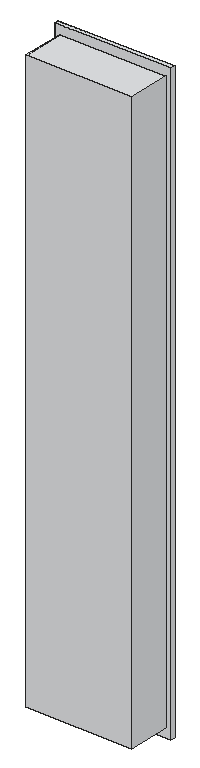
Revit family "Silver Stainless Steel Recessed Panel 21 L_IN", category Generic Models, host Wall, Revit 2017
Family settings
  Host = Wall
  Can host rebar = No
  Round Connector Dimension = Use Diameter
  Part Type = Normal
  Always vertical = Yes
  Cut with Voids When Loaded = No
  Shared = No
  Room Calculation Point = No
Parameters (values of type "Type 1")
  Website = "https://dolphy.in/"  # constant formula
  Contact number = "+91 9520202035"  # constant formula
  Contact email = "info@dolphy.in"  # constant formula
  Company name = "Dolphy India"  # constant formula
Reference planes
  plane 1 "Wall": y = 0
  plane 2 "Center (Left/Right)": x = 125
  plane 3 "Back": y = 75
Forms (mm)
  Extrusion 1, void
    sketch origin (-5000, 75, 0) x (-1, 0, 0) y (0, 0, 1)
      loop
        line (-5273.795, 1675) -> (-5273.795, 25) -> (-4973.795, 25) -> (-4973.795, 1675) -> (-5273.795, 1675)
    from 0 to -120
Text (mm)
  text "Placement Side" at (-1848.837, 1116.779, 0), in view "Ref. Level"
  text "Placement side" at (0, 1409.804, 2854.306), in view "Left"
  text "Placement side" at (0, 499.811, 2980.732), in view "Right"
Dimensions and locks
  locked: plane 3 "Back" to host wall
  level to Extrusion 1 = 1675 mm
  aligned and locked: plane 1 "Wall" to host wall
  aligned and locked: nested 1 to plane 2 "Center (Left/Right)"
  aligned and locked: nested 1 to Extrusion 1
  aligned and locked: Extrusion 1 to nested 1  (x3)
Nested families
  nested 1: "Silver Stainless Steel Recessed Panel 21 L_IN" at (125, 75, 0) x (-1, 0, 0) z (0, 0, 1), type "Silver Stainless Steel Recessed Panel 21 L_IN"
Definition of nested family "Silver Stainless Steel Recessed Panel 21 L_IN"
  Parameters (values of type "Silver Stainless Steel Recessed Panel 21 L_IN")
    Website = "https://dolphy.in/"  # constant formula
    M&L = none
    Contact number = "+91 9520202035"  # constant formula
    Contact email = "info@dolphy.in"  # constant formula
    Company = "Dolphy India"  # constant formula
  Reference planes
    plane 1 "Center (Front/Back)": y = 0
    plane 2: z = 0
    plane 3 "Center (Left/Right)": x = 0
    plane 4: z = 728.81
    plane 5: x = 0
  Forms (mm)
    Sweep 1, solid, material <- "M&L"
      path in 3D
        loop
          line (137.468, 0, 1425) -> (-142.532, 0, 1425)
      profile origin (-2.532, 0, 1425) x (0, 1, 0) y (0, 0, -1)
        loop
          line (0, 0) -> (1.274, -2.22) -> (54.352, 50.859) -> (52.606, 52.606) -> (0, 0)
    Extrusion 2, void
      sketch origin (137.468, 54.352, 1374.141) x (1, 0, 0) y (0, -0.707107, 0.707107)
        loop
          line (-22.656, 45.406) -> (-50.305, 45.406)
          arc (-50.305, 45.406) -> (-66.177, 46.65) -> (-81.662, 50.351) r 101.901
          arc (-81.662, 50.351) -> (-122.67, 57.385) -> (-163.997, 52.571) r 146.059
          arc (-163.997, 52.571) -> (-191.285, 47.205) -> (-219.037, 45.406) r 215
          line (-219.037, 45.406) -> (-230.557, 45.406)
          arc (-230.557, 45.406) -> (-233.057, 42.906) -> (-230.557, 40.406) r 2.5
          line (-230.557, 40.406) -> (-196.933, 40.406)
          arc (-196.933, 40.406) -> (-185.814, 39.717) -> (-174.866, 37.659) r 90
          arc (-174.866, 37.659) -> (-131.214, 31.705) -> (-87.331, 35.61) r 196.825
          arc (-87.331, 35.61) -> (-63.655, 39.204) -> (-39.737, 40.406) r 238.509
          line (-39.737, 40.406) -> (-22.656, 40.406)
          arc (-22.656, 40.406) -> (-20.156, 42.906) -> (-22.656, 45.406) r 2.5
      from 0 to 250
    Extrusion 3, solid, material <- "M&L"
      sketch origin (-163.795, 0, 0) x (-1, 0, 0) y (0, 0, 1)
        loop
          line (-305, 1526.936) -> (-305, 1236.159) -> (-25, 1236.159) -> (-25, 1526.936) -> (-305, 1526.936)
        loop
          line (-304.2, 1526.159) -> (-304.2, 1237.315) -> (-25.8, 1237.315) -> (-25.8, 1526.159) -> (-304.2, 1526.159)
      from 2.46 to 110
    Extrusion 4, solid, material <- "M&L"
      sketch origin (-163.795, 110, 0) x (-1, 0, 0) y (0, 0, 1)
        loop
          line (-25, 1526.936) -> (-305, 1526.936) -> (-305, 1236.159) -> (-25, 1236.159) -> (-25, 1526.936)
      from 0 to 0.8
    Extrusion 5, solid, material <- "M&L"
      sketch origin (-163.795, -11.2, 0) x (1, 0, 0) y (0, 0, 1)
        loop
          line (0, 0) -> (330, 0) -> (330, 1700) -> (0, 1700) -> (0, 0)
      from 0 to 1.2
    Extrusion 6, solid, material <- "M&L"
      sketch origin (-163.795, -11.2, 0) x (-1, 0, 0) y (0, 0, 1)
        loop
          line (0, 1700) -> (-330, 1700) -> (-330, 0) -> (0, 0) -> (0, 1700)
        loop
          line (-1.2, 1698.8) -> (-328.8, 1698.8) -> (-328.8, 1.2) -> (-1.2, 1.2) -> (-1.2, 1698.8)
      from 0 to 10
    Extrusion 7, solid, material <- "M&L"
      sketch origin (-163.795, -1.2, 0) x (-1, 0, 0) y (0, 0, 1)
        loop
          line (0, 1700) -> (-330, 1700) -> (-330, 0) -> (0, 0) -> (0, 1700)
        loop
          line (-315, 1675) -> (-315, 25) -> (-15, 25) -> (-15, 1675) -> (-315, 1675)
      from 0 to 1.2
    Extrusion 8, void
      sketch origin (-163.795, -12.4, 0) x (-1, 0, 0) y (0, 0, 1)
        loop
          line (-55, 1425) -> (-275, 1425)
          arc (-275, 1425) -> (-282.071, 1422.071) -> (-285, 1415) r 10
          line (-285, 1415) -> (-285, 1285)
          arc (-285, 1285) -> (-282.071, 1277.929) -> (-275, 1275) r 10
          line (-275, 1275) -> (-55, 1275)
          arc (-55, 1275) -> (-47.929, 1277.929) -> (-45, 1285) r 10
          line (-45, 1285) -> (-45, 1415)
          arc (-45, 1415) -> (-47.929, 1422.071) -> (-55, 1425) r 10
        loop
          line (-55, 900) -> (-275, 900)
          arc (-275, 900) -> (-282.071, 897.071) -> (-285, 890) r 10
          line (-285, 890) -> (-285, 760)
          arc (-285, 760) -> (-282.071, 752.929) -> (-275, 750) r 10
          line (-275, 750) -> (-55, 750)
          arc (-55, 750) -> (-47.929, 752.929) -> (-45, 760) r 10
          line (-45, 760) -> (-45, 890)
          arc (-45, 890) -> (-47.929, 897.071) -> (-55, 900) r 10
        loop
          line (-55, 650) -> (-275, 650)
          arc (-275, 650) -> (-282.071, 647.071) -> (-285, 640) r 10
          line (-285, 640) -> (-285, 510)
          arc (-285, 510) -> (-282.071, 502.929) -> (-275, 500) r 10
          line (-275, 500) -> (-55, 500)
          arc (-55, 500) -> (-47.929, 502.929) -> (-45, 510) r 10
          line (-45, 510) -> (-45, 640)
          arc (-45, 640) -> (-47.929, 647.071) -> (-55, 650) r 10
      from 0 to 1.2
    Sweep 9, solid, material <- "M&L"
      path in 3D
        loop
          arc (-108.795, -11.2, 650) -> (-115.867, -11.2, 647.071) -> (-118.795, -11.2, 640) r 10
          line (-118.795, -11.2, 640) -> (-118.795, -11.2, 510)
          arc (-118.795, -11.2, 510) -> (-115.867, -11.2, 502.929) -> (-108.795, -11.2, 500) r 10
          line (-108.795, -11.2, 500) -> (111.205, -11.2, 500)
          arc (111.205, -11.2, 500) -> (118.276, -11.2, 502.929) -> (121.205, -11.2, 510) r 10
          line (121.205, -11.2, 510) -> (121.205, -11.2, 640)
          arc (121.205, -11.2, 640) -> (118.276, -11.2, 647.071) -> (111.205, -11.2, 650) r 10
          line (111.205, -11.2, 650) -> (-108.795, -11.2, 650)
      profile origin (1.205, -11.2, 650) x (0, 1, 0) y (0, 0, -1)
        loop
          line (0, 0) -> (0, -0.975) -> (2.46, -0.975) -> (2.46, 0) -> (0, 0)
    Extrusion 10, solid, material <- "M&L"
      sketch origin (-163.795, -11.2, 0) x (-1, 0, 0) y (0, 0, 1)
        loop
          line (-305, 670) -> (-305, 55.978) -> (-25, 55.978) -> (-25, 670) -> (-305, 670)
        loop
          line (-304.2, 669.2) -> (-304.2, 56.778) -> (-25.8, 56.778) -> (-25.8, 669.2) -> (-304.2, 669.2)
      from 15.375 to 110
    Extrusion 11, solid, material <- "M&L"
      sketch origin (-163.795, 98.8, 0) x (-1, 0, 0) y (0, 0, 1)
        loop
          line (-25, 670) -> (-305, 670) -> (-305, 55.978) -> (-25, 55.978) -> (-25, 670)
      from 0 to 0.8
    Sweep 12, solid, material <- "M&L"
      path in 3D
        loop
          arc (121.205, -11.2, 890) -> (118.276, -11.2, 897.071) -> (111.205, -11.2, 900) r 10
          line (111.205, -11.2, 900) -> (-108.795, -11.2, 900)
          arc (-108.795, -11.2, 900) -> (-115.867, -11.2, 897.071) -> (-118.795, -11.2, 890) r 10
          line (-118.795, -11.2, 890) -> (-118.795, -11.2, 760)
          arc (-118.795, -11.2, 760) -> (-115.867, -11.2, 752.929) -> (-108.795, -11.2, 750) r 10
          line (-108.795, -11.2, 750) -> (111.205, -11.2, 750)
          arc (111.205, -11.2, 750) -> (118.276, -11.2, 752.929) -> (121.205, -11.2, 760) r 10
          line (121.205, -11.2, 760) -> (121.205, -11.2, 890)
      profile origin (121.205, -11.2, 825) x (0, 1, 0) y (-1, 0, 0)
        loop
          line (0, 0) -> (0, -1.19) -> (2.375, -1.19) -> (2.375, 0) -> (0, 0)
    Extrusion 13, solid, material <- "M&L"
      sketch origin (-163.795, -11.2, 0) x (-1, 0, 0) y (0, 0, 1)
        loop
          line (-305, 1000.846) -> (-305, 728.81) -> (-25, 728.81) -> (-25, 1000.846) -> (-305, 1000.846)
        loop
          line (-304.2, 1000.046) -> (-304.2, 729.61) -> (-25.8, 729.61) -> (-25.8, 1000.046) -> (-304.2, 1000.046)
      from 3.073 to 110
    Extrusion 14, solid, material <- "M&L"
      sketch origin (-108.795, -11.2, 500) x (1, 0, 0) y (0, 1, 0)
        loop
          line (247.085, 2.46) -> (247.085, 122.46) -> (-36.116, 122.46) -> (-36.116, 2.46) -> (247.085, 2.46)
        loop
          line (22.085, 85.375) -> (22.085, 15.375) -> (197.085, 15.375) -> (197.085, 85.375) -> (22.085, 85.375)
      from 0 to -2
    Sweep 15, solid, material <- "M&L"
      path origin (0, -10.875, -1.294) x (0, 1, 0) y (0, 0, 1)
        loop
          arc (110, 1000.046) -> (91.331, 859.373) -> (2.375, 748.81) r 263.357
      profile origin (0, 80.456, 858.08) x (0, 0.919208, -0.393772) y (1, 0, 0)
        loop
          line (0, -139.595) -> (1.2, -139.595) -> (1.2, 140.405) -> (0, 140.405) -> (0, -139.595)
    Extrusion 16, void
      sketch origin (-163.795, -12.4, 0) x (-1, 0, 0) y (0, 0, 1)
        loop
          line (0, 1214.452) -> (-330.355, 1214.452) -> (-330.355, 1209.452) -> (0, 1209.452) -> (0, 1214.452)
        loop
          line (0, 708.769) -> (-330.381, 708.769) -> (-330.381, 703.769) -> (0, 703.769) -> (0, 708.769)
      from -7.019 to 1.2
    Extrusion 17, solid, material <- "M&L"
      sketch origin (-163.795, 0, 0) x (-1, 0, 0) y (0, 0, 1)
        loop
          line (-315, 1675) -> (-315, 25) -> (-15, 25) -> (-15, 1675) -> (-315, 1675)
        loop
          line (-15.8, 25.8) -> (-15.8, 1674.2) -> (-314.2, 1674.2) -> (-314.2, 25.8) -> (-15.8, 25.8)
      from 0 to 120
    Extrusion 18, solid, material <- "M&L"
      sketch origin (-163.795, 120, 0) x (-1, 0, 0) y (0, 0, 1)
        loop
          line (-314.2, 1674.2) -> (-314.2, 25.8) -> (-15.8, 25.8) -> (-15.8, 1674.2) -> (-314.2, 1674.2)
      from 0 to -0.8
  Cuts and joins
    Extrusion 2 cuts Sweep 1
    Extrusion 8 cuts Extrusion 4
    Extrusion 8 cuts Sweep 9
    Extrusion 8 cuts Extrusion 11
    Extrusion 8 cuts Sweep 12
    Extrusion 8 cuts Extrusion 14
    Extrusion 8 cuts Sweep 15
    Extrusion 8, Extrusion 16 cuts Extrusion 5
    Extrusion 16 cuts Extrusion 6
    Extrusion 16 cuts Extrusion 7
    joined: Extrusion 5, Extrusion 6, Extrusion 7
    joined: Extrusion 17, Extrusion 18
  Lines and regions (mm)
    sketch lines
      curve 1: line (137.468, 0, 1425) -> (-142.532, 0, 1425)
      curve 2: line (111.205, -11.2, 650) -> (-108.795, -11.2, 650)
      curve 3: arc (111.205, -11.2, 650) -> (118.276, -11.2, 647.071) -> (121.205, -11.2, 640) r 10
      curve 4: line (121.205, -11.2, 510) -> (121.205, -11.2, 640)
      curve 5: arc (121.205, -11.2, 510) -> (118.276, -11.2, 502.929) -> (111.205, -11.2, 500) r 10
      curve 6: line (-108.795, -11.2, 500) -> (111.205, -11.2, 500)
      curve 7: arc (-108.795, -11.2, 500) -> (-115.867, -11.2, 502.929) -> (-118.795, -11.2, 510) r 10
      curve 8: line (-118.795, -11.2, 640) -> (-118.795, -11.2, 510)
      curve 9: arc (-118.795, -11.2, 640) -> (-115.867, -11.2, 647.071) -> (-108.795, -11.2, 650) r 10
      curve 10: line (121.205, -11.2, 760) -> (121.205, -11.2, 890)
      curve 11: arc (121.205, -11.2, 760) -> (118.276, -11.2, 752.929) -> (111.205, -11.2, 750) r 10
      curve 12: line (-108.795, -11.2, 750) -> (111.205, -11.2, 750)
      curve 13: arc (-108.795, -11.2, 750) -> (-115.867, -11.2, 752.929) -> (-118.795, -11.2, 760) r 10
      curve 14: line (-118.795, -11.2, 890) -> (-118.795, -11.2, 760)
      curve 15: arc (-118.795, -11.2, 890) -> (-115.867, -11.2, 897.071) -> (-108.795, -11.2, 900) r 10
      curve 16: line (111.205, -11.2, 900) -> (-108.795, -11.2, 900)
      curve 17: arc (111.205, -11.2, 900) -> (118.276, -11.2, 897.071) -> (121.205, -11.2, 890) r 10
  Dimensions and locks
    Extrusion 2 sketch curve to Sweep 1 = 20.156 mm
    Sweep 1 to Extrusion 2 sketch curve = 42.906 mm
    Extrusion 5 sketch curve to Extrusion 5 sketch curve = 330 mm
    Extrusion 5 sketch curve to Extrusion 5 sketch curve = 1700 mm
    Extrusion 8 sketch curve to Extrusion 8 sketch curve = 240 mm  (x3)
    Extrusion 8 sketch curve to Extrusion 8 sketch curve = 150 mm  (x3)
    Extrusion 6 to Extrusion 8 sketch curve = 500 mm
    Extrusion 8 sketch curve to Extrusion 8 sketch curve = 100 mm
    Extrusion 8 sketch curve to Extrusion 8 sketch curve = 375 mm
    Extrusion 6 to Extrusion 8 sketch curve = 45 mm  (x3)
    Extrusion 5 to Extrusion 8 sketch curve = 45 mm  (x3)
    Sweep 9 sketch curve to Sweep 9 sketch curve = 0.975 mm
    Extrusion 10 sketch curve to Extrusion 7 = 25 mm
    Extrusion 7 to Extrusion 10 sketch curve = 25 mm
    Extrusion 10 sketch curve to Extrusion 11 = 0.8 mm  (x2)
    Extrusion 13 sketch curve to Extrusion 7 = 25 mm  (x2)
    Sweep 12 to Extrusion 13 sketch curve = 99.656 mm
    Extrusion 13 sketch curve to Sweep 12 = 20 mm
    Extrusion 14 sketch curve to Extrusion 14 sketch curve = 58.201 mm
    Extrusion 14 sketch curve to Extrusion 14 sketch curve = 50 mm
    Sweep 15 sketch curve to Sweep 15 sketch curve = 1.2 mm
    angle Sweep 1 sketch curve to profile plane = 45.00°
    aligned and locked: level to plane 2
    aligned and locked: Extrusion 6 sketch curve to Extrusion 5
